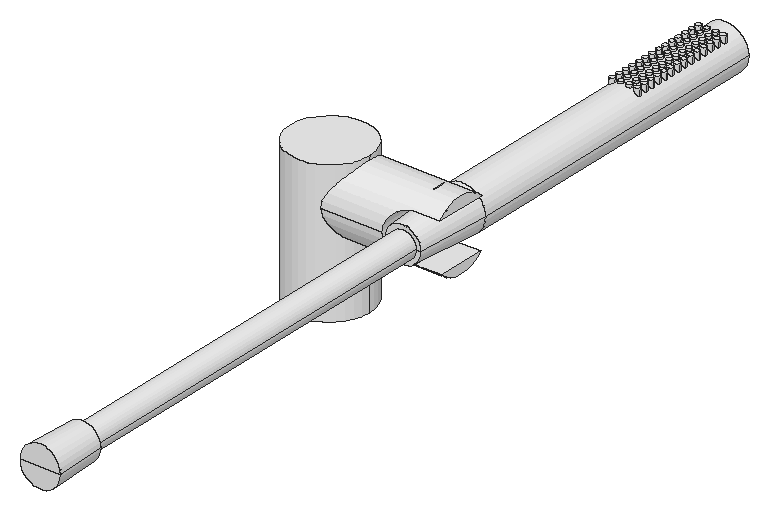
Revit family "ShowerSet-PureHandShowerSet-Vitra-ShowerSystems-A45543", category Plumbing Fixtures, host Face, Revit 2017
Family settings
  Host = Face
  Round Connector Dimension = Use Diameter
  Part Type = Normal
  OmniClass Number = 23.45.05.14.17
  OmniClass Title = Showers
  Cut with Voids When Loaded = No
  Shared = Yes
  Room Calculation Point = No
Parameters (values of type "HandshowerSet-Vitra-ShowerSystems-A45543")
  Youtube = "https://www.youtube.com/user/VitrAglobal"
  Weight Net (kg) = "0.9"
  Waste Connection = no
  Warranty Period (Year) = "5 years"
  Vent Connection = no
  Uniformat II Description = "FURNISHINGS"
  Uniformat II Code = ""
  Uniclass 2015 Name = "Shower head holders"
  Uniclass 2015 Code = "Pr_40_20_87_77"
  Uniclass 2.0 Description = "Shower Heads"
  Uniclass 2.0 Code = "PR-35-06-81"
  Uniclass 1.4 Description = "Showers"
  Uniclass 1.4 Code = "L7214"
  URL = "https://vitraglobal.com/"
  UNSPSC Description = ""
  UNSPSC Code = ""
  Test Pressure = "16 bar"
  Technical description = "https://www.vitraglobal.com/faucets-shower-systems-accessories/shower-systems/handshower-sets/pure-handshower-set-sku-a45543exp/print"
  Tap hole Options (default) = ""
  Specification = ""
  Region South America = "All"
  Region Oceania = "All"
  Region North America = "All"
  Region Middle East = "All"
  Region Europe = "All"
  Region Asia = "All"
  Region Antarctica = "All"
  Region Africa = "All"
  Range of flow pressure = "1 - 5 bar"
  Range of Hot Water Supply = "5 - 65 °C"
  Product url = ""
  Product manual = ""
  Product group = "Handshower Set"
  Product family = "ShowerSystems"
  Product data url = "https://www.vitraglobal.com/faucets-shower-systems-accessories/shower-systems/handshower-sets/pure-handshower-set-sku-a45543exp"
  Product certification = "https://www.vitraglobal.com/brochures/"
  Product Type = "Built-in Handshower Set"
  Product SKU = "A45543"
  Product Properties = ""
  Product Guid = ""
  OmniClass Description = "Showers"
  OmniClass Code = "23-31 17 00"
  Number Of Connections = "1"
  Nominal Width (mm) = 100 mm
  Nominal Height (mm) = 490 mm
  Nominal Depth (mm) = 80 mm
  NBS Referans Description = "ShowerHeads"
  NBS Referans Code = "35-06-81"
  Mounting type = "Wall Mopunted"
  Model = "A45543"
  Min. flow pressure of = "0.5 bar"
  Masterformat 2014 Description = ""
  Masterformat 2014 Code = ""
  Manufacturer name = "VitrA"
  Manufacturer = "VitrA"
  Main Material = ""
  Installation instructions = ""
  IFC Classification = "Sanitary Terminal"
  Hot Water temperature, factory set to = "38 °C"
  Hot Water Supply (max.) = "80 °C"
  Help = ""
  HW Connection = no
  GTIP code = ""
  Flow Rate(L/min. - 3 bar) = ""
  Features = ""
  EAN code = ""
  Design country = "Turkey"
  Description = "ShowerSystems Pure Handshower Set"
  Default Elevation = 2000 mm
  Connection Diameter (mm) = 15 mm
  Color = "Chrome"
  Coating Material = Chrome
  Calculated flow = ""
  CW Connection = no
  COBIe Type Category = ""
  Brand = "VitrA"
  BIMobject category = "Showers"
  Article No. (default) = "A45543"
  Approvals = ""
  ApplicationType = ""
  Accessories (default) = ""
Types (12, lengths in mm): name | Product data url | Product SKU | Model | Color | Coating Material | Article No. (default)
  HandshowerSet-Vitra-ShowerSystems-A45543IND | "https://www.vitraglobal.com/faucets-shower-systems-accessories/shower-systems/handshower-sets/pure-handshower-set-sku-a45543exp" | "A45543IND" | "A45543IND" | "Chrome" | Chrome | "A45543IND"
  HandshowerSet-Vitra-ShowerSystems-A45543EXP | "https://www.vitraglobal.com/faucets-shower-systems-accessories/shower-systems/handshower-sets/pure-handshower-set-sku-a45543exp" | "A45543EXP" | "A45543EXP" | "Chrome" | Chrome | "A45543EXP"
  HandshowerSet-Vitra-ShowerSystems-A4554337 | "https://www.vitraglobal.com/faucets-shower-systems-accessories/shower-systems/handshower-sets/pure-handshower-set-sku-a45543exp" | "A4554337" | "A4554337" | "Brushed Nickel" | Brushed Nickel | "A4554337"
  HandshowerSet-Vitra-ShowerSystems-A4554336IND | "https://www.vitraglobal.com/faucets-shower-systems-accessories/shower-systems/handshower-sets/pure-handshower-set-sku-a45543exp" | "A4554336IND" | "A4554336IND" | "Matte Black" | Matte Black | "A4554336IND"
  HandshowerSet-Vitra-ShowerSystems-A4554336 | "https://www.vitra.com.tr/dus-sistemleri/el-dusu-takimlari/origin-1f-el-dusu-takimi-sku-A4554336/" | "A4554336" | "A4554336" | "Matte Black" | Matte Black | "A4554336"
  HandshowerSet-Vitra-ShowerSystems-A4554334IND | "https://www.vitraglobal.com/faucets-shower-systems-accessories/shower-systems/handshower-sets/pure-handshower-set-sku-a45543exp" | "A4554334IND" | "A4554334IND" | "Nickel" | Nickel | "A4554334IND"
  HandshowerSet-Vitra-ShowerSystems-A4554334 | "https://www.vitra.com.tr/dus-sistemleri/el-dusu-takimlari/origin-1f-el-dusu-takimi-sku-A4554334/" | "A4554334" | "A4554334" | "Nickel" | Nickel | "A4554334"
  HandshowerSet-Vitra-ShowerSystems-A4554333 | "https://www.vitraglobal.com/faucets-shower-systems-accessories/shower-systems/handshower-sets/pure-handshower-set-sku-a45543exp" | "A4554333" | "A4554333" | "Brushed Gold" | BrushedGold | "A4554333"
  HandshowerSet-Vitra-ShowerSystems-A4554326IND | "https://www.vitraglobal.com/faucets-shower-systems-accessories/shower-systems/handshower-sets/pure-handshower-set-sku-a45543exp" | "A4554326IND" | "A4554326IND" | "Copper" | BrightCopper | "A4554326IND"
  HandshowerSet-Vitra-ShowerSystems-A4554326 | "https://www.vitra.com.tr/dus-sistemleri/el-dusu-takimlari/origin-1f-el-dusu-takimi-sku-A4554326/" | "A4554326" | "A4554326" | "Copper" | BrightCopper | "A4554326"
  HandshowerSet-Vitra-ShowerSystems-A4554323 | "https://www.vitraglobal.com/faucets-shower-systems-accessories/shower-systems/handshower-sets/pure-handshower-set-sku-a45543exp" | "A4554323" | "A4554323" | "Gold" | Gold | "A4554323"
  HandshowerSet-Vitra-ShowerSystems-A45543 | "https://www.vitraglobal.com/faucets-shower-systems-accessories/shower-systems/handshower-sets/pure-handshower-set-sku-a45543exp" | "A45543" | "A45543" | "Chrome" | Chrome | "A45543"
Reference planes
  plane 1 "Center (Front/Back)": y = 0
  plane 2: z = 0
  plane 3 "Center (Left/Right)": x = 0
  plane 4: x = -25.5
  plane 5: x = 74.5
  plane 6: y = 209.5
  plane 7: y = -280.5
  plane 8: z = 80
Forms (mm)
  Revolve 1, solid, material "Chrome" <- "Coating Material", detail levels medium+fine
    sketch origin (0, 0, 57.602) x (1, 0, 0) y (0, 1, 0)
      loop
        line (71, -280.5) -> (69.75, -250.5) -> (66.985, -250.5) -> (66.985, -22.5) -> (69.75, -22.5) -> (72.5, 20) -> (72.5, 207) -> (59.5, 207) -> (59.5, -280.5) -> (71, -280.5)
      axis (59.5, 207) -> (59.5, -280.5)
    angle from 0 to 360
  Extrusion 2, solid, material "Chrome" <- "Coating Material", detail levels medium+fine
    sketch origin (74.5, 0, 58) x (0, 1, 0) y (0, 0, 1)
      loop
        circle (0, 0) r 20
    from 0 to -74.5
  Extrusion 3, solid, material "Chrome" <- "Coating Material", detail levels medium+fine
    sketch origin (0, -23.4, 80) x (1, 0, 0) y (0, 1, 0)
      loop
        circle (0, 23.4) r 22.5
    from 0 to -80
  Extrusion 4, solid, material "Chrome" <- "Coating Material", detail levels medium+fine
    sketch origin (59.567, 166.002, 70.121) x (1, 0, 0) y (0, 1, 0)
      loop
        circle (-7.119, 30.498) r 1.5
      loop
        circle (-2.462, 30.5) r 1.5
      loop
        circle (2.384, 30.574) r 1.5
      loop
        circle (7.119, 30.426) r 1.5
      loop
        circle (-7.119, 25.806) r 1.5
      loop
        circle (-2.462, 25.808) r 1.5
      loop
        circle (2.384, 25.882) r 1.5
      loop
        circle (7.119, 25.734) r 1.5
      loop
        circle (-7.119, 21.11) r 1.5
      loop
        circle (-2.462, 21.111) r 1.5
      loop
        circle (2.384, 21.185) r 1.5
      loop
        circle (7.119, 21.037) r 1.5
      loop
        circle (-7.119, 16.417) r 1.5
      loop
        circle (-2.462, 16.419) r 1.5
      loop
        circle (2.384, 16.493) r 1.5
      loop
        circle (7.119, 16.345) r 1.5
      loop
        circle (-7.119, 11.725) r 1.5
      loop
        circle (-2.462, 11.727) r 1.5
      loop
        circle (2.384, 11.801) r 1.5
      loop
        circle (7.119, 11.653) r 1.5
      loop
        circle (-7.119, 7.033) r 1.5
      loop
        circle (-2.462, 7.034) r 1.5
      loop
        circle (2.384, 7.108) r 1.5
      loop
        circle (7.119, 6.96) r 1.5
      loop
        circle (-7.119, 2.336) r 1.5
      loop
        circle (-2.462, 2.338) r 1.5
      loop
        circle (2.384, 2.412) r 1.5
      loop
        circle (7.119, 2.264) r 1.5
      loop
        circle (-7.119, -2.356) r 1.5
      loop
        circle (-2.462, -2.354) r 1.5
      loop
        circle (2.384, -2.28) r 1.5
      loop
        circle (7.119, -2.428) r 1.5
      loop
        circle (-7.119, -7.048) r 1.5
      loop
        circle (-2.462, -7.047) r 1.5
      loop
        circle (2.384, -6.973) r 1.5
      loop
        circle (7.119, -7.121) r 1.5
      loop
        circle (-7.119, -11.741) r 1.5
      loop
        circle (-2.462, -11.739) r 1.5
      loop
        circle (2.384, -11.665) r 1.5
      loop
        circle (7.119, -11.813) r 1.5
      loop
        circle (-7.119, -16.433) r 1.5
      loop
        circle (-2.462, -16.431) r 1.5
      loop
        circle (2.384, -16.357) r 1.5
      loop
        circle (7.119, -16.505) r 1.5
      loop
        circle (-7.119, -21.125) r 1.5
      loop
        circle (-2.462, -21.124) r 1.5
      loop
        circle (2.384, -21.05) r 1.5
      loop
        circle (7.119, -21.198) r 1.5
      loop
        circle (-7.119, -25.822) r 1.5
      loop
        circle (-2.462, -25.82) r 1.5
      loop
        circle (2.384, -25.746) r 1.5
      loop
        circle (7.119, -25.894) r 1.5
      loop
        circle (-7.119, -30.514) r 1.5
      loop
        circle (-2.462, -30.512) r 1.5
      loop
        circle (2.384, -30.438) r 1.5
      loop
        circle (7.119, -30.586) r 1.5
    from 1 to -12.592
  Extrusion 5, void
    sketch origin (0, 0, 0) x (1, 0, 0) y (0, 0, 1)
      loop
        arc (59.5, 71.477) -> (45.581, 57.558) -> (59.5, 43.638) r 13.919
        line (59.5, 43.638) -> (82.5, 43.638) -> (82.5, 71.477) -> (59.5, 71.477)
    from 37.693 to -38.569
  Extrusion 6, solid, detail levels coarse
    sketch origin (0, -23.4, 80) x (1, 0, 0) y (0, 1, 0)
      loop
        line (74.5, 232.9) -> (-25.5, 232.9) -> (-25.5, -257.1) -> (74.5, -257.1) -> (74.5, 232.9)
    from 0 to -80
Cuts and joins
  joined: Revolve 1, Extrusion 4
  Extrusion 5 cuts Extrusion 2
  joined: Extrusion 2, Extrusion 3
Dimensions and locks
  "Nominal Width (mm)": plane 4 to plane 5
  "Nominal Height (mm)": plane 6 to plane 7
  "Nominal Depth (mm)": plane 8 to host face
  aligned and locked: plane 2 to host face
  aligned and locked: level to host face
Automatic sketch dimensions
  host sketch curve to host sketch curve = 2438.4 mm  (x2)
  Revolve 1 sketch curve to plane 7 = 0 mm
  Revolve 1 sketch curve to plane 6 = 2.5 mm
  plane 5 to Revolve 1 sketch curve = 15 mm
  plane 5 to Revolve 1 sketch curve = 7.515 mm
  Revolve 1 sketch curve to Revolve 1 sketch curve = 2.765 mm  (x2)
  plane 5 to Revolve 1 sketch curve = 3.5 mm
  plane 5 to Revolve 1 sketch curve = 2 mm
  plane 7 to Revolve 1 sketch curve = 30 mm
  plane 1 "Center (Front/Back)" to Revolve 1 sketch curve = 22.5 mm
  Revolve 1 sketch curve to plane 1 "Center (Front/Back)" = 20 mm
  Revolve 1 sketch curve to Revolve 1 sketch curve = 0 mm
  Revolve 1 sketch curve to Revolve 1 sketch curve = 7.37 mm
  Revolve 1 sketch curve to Revolve 1 sketch curve = 2.37 mm
  Extrusion 2 sketch curve to Extrusion 2 sketch curve = 0 mm  (x2)
  Extrusion 2 sketch curve to plane 1 "Center (Front/Back)" = 0 mm
  level to Extrusion 2 sketch curve = 58 mm
  plane 1 "Center (Front/Back)" to Extrusion 2 sketch curve = 20 mm
  Extrusion 3 sketch curve to Extrusion 3 sketch curve = 0 mm  (x2)
  plane 1 "Center (Front/Back)" to Extrusion 3 sketch curve = 0 mm
  Extrusion 3 sketch curve to plane 3 "Center (Left/Right)" = 0 mm
  Extrusion 3 sketch curve to plane 4 = 3 mm
  Extrusion 4 sketch curve to Extrusion 4 sketch curve = 0 mm  (x140)
  plane 5 to Extrusion 4 sketch curve = 22.052 mm  (x2)
  Extrusion 4 sketch curve to Extrusion 4 sketch curve = 4.657 mm  (x14)
  Extrusion 4 sketch curve to Extrusion 4 sketch curve = 4.846 mm  (x6)
  Extrusion 4 sketch curve to Extrusion 4 sketch curve = 4.735 mm  (x6)
  Extrusion 4 sketch curve to plane 6 = 74.084 mm
  Extrusion 4 sketch curve to Extrusion 4 sketch curve = 0.072 mm
  Extrusion 4 sketch curve to Extrusion 4 sketch curve = 0.002 mm  (x14)
  Extrusion 4 sketch curve to Extrusion 4 sketch curve = 0.148 mm  (x14)
  Extrusion 4 sketch curve to Extrusion 4 sketch curve = 4.692 mm  (x20)
  Extrusion 4 sketch curve to Extrusion 4 sketch curve = 4.696 mm  (x6)
  Extrusion 4 sketch curve to Extrusion 4 sketch curve = 1.5 mm  (x56)
  plane 5 to Extrusion 5 sketch curve = 15 mm
  Extrusion 5 sketch curve to plane 5 = 8 mm
  level to Extrusion 5 sketch curve = 43.638 mm
  Extrusion 5 sketch curve to Extrusion 5 sketch curve = 13.919 mm
  Extrusion 6 sketch curve to plane 4 = 0 mm
  Extrusion 6 sketch curve to plane 5 = 0 mm
  Extrusion 6 sketch curve to plane 7 = 0 mm
  Extrusion 6 sketch curve to plane 6 = 0 mm
Connectors
  piping at (59.5, -280.5, 57.602), diameter 15, driven by "Connection Diameter (mm)"
    settings: on cut or joined group of Revolve 1, Extrusion 4, index 1, connector inside diameter 609.6 mm, connector length 0 mm, flow factor 0, pipe flow 0.0 L/s, pressure drop 0.0 Pa, fitting loss kfactor 0, connector angle 0.00°, fixture units 0, engagement length 0 mm, angle of deflection 0.00°, flow configuration 0, flow direction 1, fitting loss method 0, system type 22, joint type 0, gender type 0, connector reference index -1, connector utility 0, adjustable connector no, is connector primary yes, connector description ""
